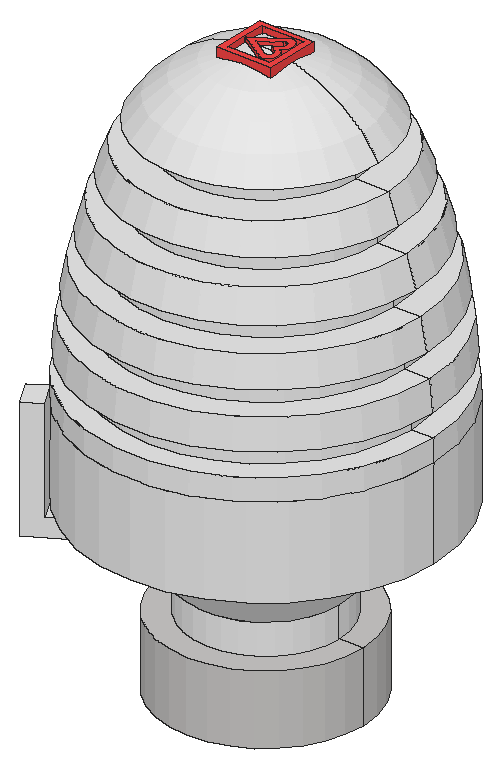
Revit family "HERZ-Design-Thermostatic Sensor M28x1.5 9260", category Rohrzubehör, Revit 2021
Family settings
  Bemaßung runder Anschluss = Durchmesser verwenden
  Teiletyp = Normal
  OmniClass-Nummer = 23.65.55.14
  OmniClass-Titel = Valves for Liquid Services
  Arbeitsebenenbasiert = Nein
  Immer vertikal = Nein
  Beim Laden mit Abzugskörper schneiden = Nein
  Gemeinsam genutzt = Nein
Parameters
  Vorgabe-Ansicht = 0.000 mm
  URL = "www.herzvalves.com"
  Set value range = "6-28°C"  # constant formula
  S02 = 60.000 mm  # constant formula
  S01 = 90.000 mm  # constant formula
  Part number = 1926006  # constant formula
  Operation = "The HERZ thermostat serves as a room temperature sensing and control unit.\r\nThe change in volume of the liquid contained in the hydrosensor actuates the valve spindle."
  Hersteller = "HERZ Armaturen Ges.m.b.H."  # constant formula
  Hand wheel = "plastic, white"  # constant formula
  Frost protection = 6 °C  # constant formula
  Finish = "Radiator Thermostat With Hydrosensor (liquid filled)\r\nWith automatic frost release, limitation and locking of selected temperature range,\r\nhandwheel white."
  Application = "Can be combined with any HERZ-valve suitable for thermostatic operation."
Reference planes
  plane 1 "Mitte (Vorne/hinten)": y = 0
  plane 2: z = 0
  plane 3 "Mitte (Links/rechts)": x = 0
Forms (mm)
  Revolve 1, solid, material "Kunststoff weiß", detail levels fine
    sketch origin (0, 0, 0) x (1, 0, 0) y (0, 0, 1)
      loop
        line (0, 0) -> (0, 90)
        arc (0, 90) -> (-10.767, 87.197) -> (-18.8, 79.5) r 22.08
        arc (-18.8, 79.5) -> (-25.672, 59.356) -> (-28, 38.2) r 97.301
        line (-28, 38.2) -> (-28, 23.2) -> (-23.25, 23.2) -> (-23.25, 20.5) -> (-20.4, 20.5) -> (-20.4, 19.7) -> (-12.2, 11.5) -> (-12.2, 4.8) -> (-13.2, 4.8) -> (-13.2, 0) -> (0, 0)
      axis (0, 90) -> (0, 0)
    angle from 0 to 360
  Extrusion 2, solid, material "Kunststoff weiß", detail levels fine
    sketch origin (0, 0, 0) x (0.866025, 0.5, 0) y (0, 0, 1)
      loop
        line (-28.5, 36.04) -> (-31.75, 36.04) -> (-31.75, 16.2) -> (-20.85, 16.2) -> (-20.85, 20.5) -> (-23.25, 20.5) -> (-23.25, 21.5) -> (-24.578, 19.2) -> (-28.5, 19.2) -> (-28.5, 36.04)
    from 2.5 to -2.5
  Extrusion 3, solid, material "Kunststoff weiß", detail levels fine
    sketch origin (0, 0, 0) x (0, 1, 0) y (0, 0, 1)
      loop
        arc (0.75, 19.2) -> (1.987, 19.713) -> (2.5, 20.95) r 1.75
        line (2.5, 20.95) -> (2.5, 32.2) -> (-2.5, 32.2) -> (-2.5, 20.95)
        arc (-2.5, 20.95) -> (-1.987, 19.713) -> (-0.75, 19.2) r 1.75
        line (-0.75, 19.2) -> (0.75, 19.2)
    from 0 to -31.5
  Revolve 4, solid, material "Messing verzinkt", detail levels fine
    sketch origin (0, 0, 0) x (1, 0, 0) y (0, 0, 1)
      loop
        line (0, 0) -> (0, 6.5) -> (-16.25, 6.5) -> (-16.25, -5) -> (-14, -5) -> (-14, 0) -> (0, 0)
      axis (0, 6.5) -> (0, -5)
    angle from 0 to 360
  Revolve 5, void
    sketch origin (0, 0, 0) x (1, 0, 0) y (0, 0, 1)
      loop
        arc (-18.8, 79.5) -> (-19.64, 77.659) -> (-20.442, 75.8) r 97.301
        line (-20.442, 75.8) -> (-14.951, 75.8) -> (-14.951, 79.5) -> (-18.8, 79.5)
      loop
        line (-27.933, 41.8) -> (-24.226, 41.8) -> (-24.226, 45.5) -> (-27.726, 45.5)
        arc (-27.726, 45.5) -> (-27.847, 43.651) -> (-27.933, 41.8) r 97.301
      loop
        arc (-22.197, 71.3) -> (-22.843, 69.456) -> (-23.452, 67.6) r 97.301
        line (-23.452, 67.6) -> (-18.697, 67.6) -> (-18.697, 71.3) -> (-22.197, 71.3)
      loop
        arc (-24.865, 62.7) -> (-25.326, 60.854) -> (-25.751, 59) r 97.301
        line (-25.751, 59) -> (-21.365, 59) -> (-21.365, 62.7) -> (-24.865, 62.7)
      loop
        arc (-26.692, 54.1) -> (-26.98, 52.253) -> (-27.232, 50.4) r 97.301
        line (-27.232, 50.4) -> (-23.192, 50.4) -> (-23.192, 54.1) -> (-26.692, 54.1)
      axis (0, 79.5) -> (0, 41.8)
    angle from 0 to 360
Cuts and joins
  Revolve 5 cuts Revolve 1
Lines and regions (mm)
  model lines, detail levels coarse+medium
    curve 1: line (0, 0, 0) -> (0, 0, 30)
    curve 2: line (0, 0.018, 0) -> (30, 0.018, 0)
    curve 3: circle (0, 0, 60) r 30 normal (0, -1, 0)
    curve 4: circle (0, 0, 60) r 30 normal (1, 0, 0)
    curve 5: line (0, 0, 40) -> (0, 0, 80)
    curve 6: line (0, 17.5, 80) -> (0, -17.5, 80)
    curve 7: line (0, 0, 40) -> (0, 0, 80)
    curve 8: line (-17.5, 0, 80) -> (17.5, 0, 80)
    curve 9: circle (60, 0.018, 0) r 30 normal (0, 0, 1)
    curve 10: line (40, 0.018, 0) -> (80, 0.018, 0)
    curve 11: line (80, -17.482, 0) -> (80, 17.518, 0)
Dimensions and locks
  nested 1 to plane 2 = 89.000 mm
  "S01": curve 4 to plane 2
  "S01": curve 3 to plane 2
  "S01": plane 3 "Mitte (Links/rechts)" to curve 9
  "S02": diameter of curve 3
  "S02": diameter of curve 4
  "S02": diameter of curve 9
  aligned and locked: level to plane 2
Automatic sketch dimensions
  Revolve 1 sketch curve to level = 0.000 mm
  Revolve 1 sketch curve to plane 3 "Mitte (Links/rechts)" = 0.000 mm  (x2)
  Revolve 1 sketch curve to plane 3 "Mitte (Links/rechts)" = 12.200 mm
  Revolve 1 sketch curve to Revolve 1 sketch curve = 1.000 mm
  Revolve 1 sketch curve to Revolve 1 sketch curve = 8.200 mm  (x2)
  Revolve 1 sketch curve to Revolve 1 sketch curve = 2.850 mm
  Revolve 1 sketch curve to Revolve 1 sketch curve = 4.750 mm
  plane 3 "Mitte (Links/rechts)" to Revolve 1 sketch curve = 69.301 mm
  level to Revolve 1 sketch curve = 4.800 mm
  Revolve 1 sketch curve to Revolve 1 sketch curve = 6.700 mm
  Revolve 1 sketch curve to Revolve 1 sketch curve = 0.800 mm
  Revolve 1 sketch curve to Revolve 1 sketch curve = 2.700 mm
  Revolve 1 sketch curve to Revolve 1 sketch curve = 15.000 mm
  Revolve 1 sketch curve to Revolve 1 sketch curve = 29.720 mm
  Revolve 1 sketch curve to Revolve 1 sketch curve = 22.080 mm
  Revolve 1 sketch curve to level = 366.045 mm
  Revolve 1 sketch curve to Revolve 1 sketch curve = 0.000 mm
  level to Extrusion 2 sketch curve = 36.040 mm
  Extrusion 2 sketch curve to Extrusion 2 sketch curve = 3.250 mm
  Extrusion 2 sketch curve to Extrusion 2 sketch curve = 3.922 mm
  level to Extrusion 2 sketch curve = 21.500 mm
  Extrusion 2 sketch curve to Extrusion 2 sketch curve = 1.328 mm
  Extrusion 2 sketch curve to Extrusion 2 sketch curve = 3.728 mm
  Extrusion 2 sketch curve to Extrusion 2 sketch curve = 1.000 mm
  Extrusion 2 sketch curve to Extrusion 2 sketch curve = 1.300 mm
  Extrusion 2 sketch curve to Extrusion 2 sketch curve = 3.000 mm
  plane 1 "Mitte (Vorne/hinten)" to Extrusion 3 sketch curve = 2.500 mm
  plane 1 "Mitte (Vorne/hinten)" to Extrusion 3 sketch curve = 0.750 mm
  Extrusion 3 sketch curve to plane 1 "Mitte (Vorne/hinten)" = 0.750 mm
  Extrusion 3 sketch curve to plane 1 "Mitte (Vorne/hinten)" = 2.500 mm
  level to Extrusion 3 sketch curve = 19.200 mm
  Extrusion 3 sketch curve to Extrusion 3 sketch curve = 11.250 mm
  Revolve 4 sketch curve to level = 0.000 mm
  Revolve 4 sketch curve to plane 3 "Mitte (Links/rechts)" = 0.000 mm  (x2)
  Revolve 4 sketch curve to level = 5.000 mm
  Revolve 4 sketch curve to plane 3 "Mitte (Links/rechts)" = 14.000 mm
  Revolve 4 sketch curve to Revolve 4 sketch curve = 2.250 mm
  level to Revolve 4 sketch curve = 6.500 mm
  Revolve 4 sketch curve to Revolve 4 sketch curve = 361.045 mm
  Revolve 4 sketch curve to Revolve 4 sketch curve = 2207.815 mm
  Revolve 5 sketch curve to Revolve 5 sketch curve = 0.000 mm  (x20)
  Revolve 5 sketch curve to plane 3 "Mitte (Links/rechts)" = 0.000 mm
  Revolve 5 sketch curve to plane 3 "Mitte (Links/rechts)" = 14.951 mm
  Revolve 5 sketch curve to Revolve 5 sketch curve = 3.746 mm
  Revolve 5 sketch curve to Revolve 5 sketch curve = 3.849 mm
  Revolve 5 sketch curve to Revolve 5 sketch curve = 1.642 mm
  Revolve 5 sketch curve to Revolve 5 sketch curve = 2.668 mm
  Revolve 5 sketch curve to Revolve 5 sketch curve = 3.500 mm  (x4)
  Revolve 5 sketch curve to Revolve 5 sketch curve = 1.827 mm
  Revolve 5 sketch curve to Revolve 5 sketch curve = 1.255 mm
  Revolve 5 sketch curve to Revolve 5 sketch curve = 1.034 mm
  Revolve 5 sketch curve to Revolve 5 sketch curve = 0.886 mm
  Revolve 5 sketch curve to Revolve 5 sketch curve = 0.540 mm
  Revolve 5 sketch curve to Revolve 5 sketch curve = 0.208 mm
  level to Revolve 5 sketch curve = 38.200 mm
  plane 3 "Mitte (Links/rechts)" to Revolve 5 sketch curve = 69.301 mm
  level to Revolve 5 sketch curve = 41.800 mm
  Revolve 5 sketch curve to Revolve 5 sketch curve = 4.900 mm  (x3)
  Revolve 5 sketch curve to Revolve 5 sketch curve = 4.500 mm
  Revolve 5 sketch curve to level = 366.045 mm
  Revolve 5 sketch curve to Revolve 5 sketch curve = 2134.815 mm
  curve 5 to plane 1 "Mitte (Vorne/hinten)" = 0.000 mm
  curve 4 to plane 1 "Mitte (Vorne/hinten)" = 0.000 mm
  plane 1 "Mitte (Vorne/hinten)" to curve 6 = 17.500 mm
  curve 5 to curve 6 = 17.500 mm
  curve 5 to curve 4 = 20.000 mm
  curve 4 to curve 6 = 20.000 mm
  curve 3 to plane 3 "Mitte (Links/rechts)" = 0.000 mm
  curve 7 to plane 3 "Mitte (Links/rechts)" = 0.000 mm
  curve 1 to plane 3 "Mitte (Links/rechts)" = 0.000 mm
  curve 1 to level = 0.000 mm
  curve 8 to curve 7 = 17.500 mm
  plane 3 "Mitte (Links/rechts)" to curve 8 = 17.500 mm
  curve 1 to curve 7 = 10.000 mm
  curve 3 to curve 8 = 20.000 mm
  curve 2 to plane 3 "Mitte (Links/rechts)" = 0.000 mm
  curve 9 to plane 1 "Mitte (Vorne/hinten)" = 0.018 mm
  curve 10 to plane 1 "Mitte (Vorne/hinten)" = 0.018 mm
  curve 2 to curve 10 = 10.000 mm
  curve 9 to curve 11 = 20.000 mm
  plane 1 "Mitte (Vorne/hinten)" to curve 11 = 17.482 mm
  curve 2 to plane 1 "Mitte (Vorne/hinten)" = 0.018 mm
  curve 10 to curve 11 = 17.500 mm
Nested families
  nested 1: "Herz-Logo" at (0, 0, 89) x (0, -1, 0) z (0, 0, 1), type "Herz-Logo"
Definition of nested family "Herz-Logo"
  Parameters (values of type "Herz-Logo")
    Default Elevation = 0.000 mm
  Reference planes
    plane 1 "Mitte (Vorne/hinten)": y = 0
    plane 2: z = 0
    plane 3 "Mitte (Links/rechts)": x = 0
  Forms (mm)
    Extrusion 1, solid
      sketch origin (0, 0, 0) x (1, 0, 0) y (0, 1, 0)
        loop
          line (-0.018, -4.517) -> (4.482, -4.517) -> (4.482, 4.483) -> (-4.518, 4.483) -> (-4.518, -4.517) -> (-0.018, -4.517)
        loop
          line (-0.05, -3.48) -> (3.482, -3.48) -> (3.482, 3.483) -> (-3.518, 3.483) -> (-3.518, -3.48) -> (-0.05, -3.48)
        loop
          arc (-0.018, 2.383) -> (-1.543, 3.287) -> (-3.067, 2.383) r 1.738
          arc (-3.067, 2.383) -> (-3.191, 1.899) -> (-3.067, 1.415) r 1.009
          line (-3.067, 1.415) -> (-0.018, -3.281) -> (3.032, 1.415)
          arc (3.032, 1.415) -> (3.156, 1.899) -> (3.032, 2.383) r 1.009
          arc (3.032, 2.383) -> (1.507, 3.287) -> (-0.018, 2.383) r 1.738
        loop
          arc (1.885, 1.272) -> (2.005, 1.675) -> (1.885, 2.079) r 0.74
          arc (1.885, 2.079) -> (1.265, 2.416) -> (0.644, 2.079) r 0.74
          line (0.644, 2.079) -> (-0.018, 0.97) -> (-0.679, 2.079)
          arc (-0.679, 2.079) -> (-1.3, 2.416) -> (-1.921, 2.079) r 0.74
          arc (-1.921, 2.079) -> (-2.04, 1.675) -> (-1.921, 1.272) r 0.74
          line (-1.921, 1.272) -> (-0.018, -1.658) -> (1.885, 1.272)
      from 0 to 1.5
  Dimensions and locks
    aligned and locked: level to plane 2
